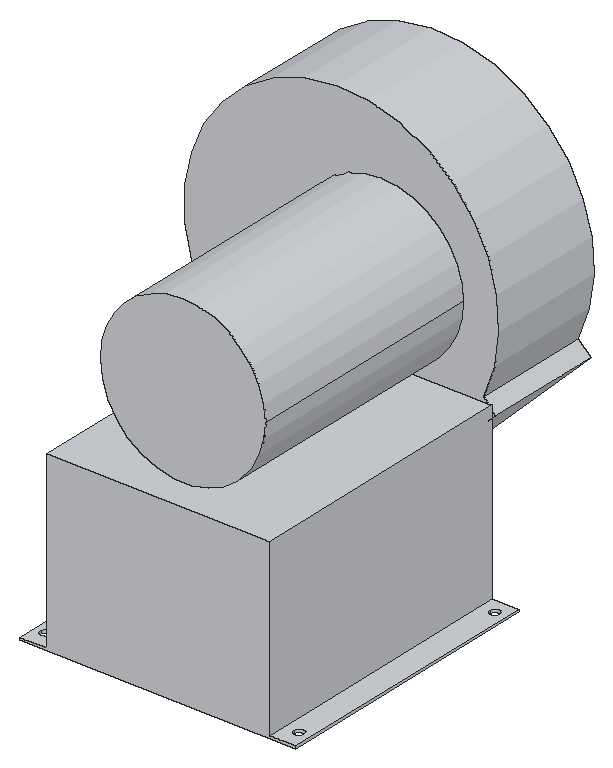
Revit family "CPFD_CCW_BAD", category Mechanical Equipment, Revit 2019
Family settings
  Round Connector Dimension = Use Radius
  Part Type = Normal
  Work Plane-Based = No
  Always vertical = Yes
  Cut with Voids When Loaded = No
  Shared = No
  Room Calculation Point = No
Parameters (values of type "10_CPFD_CCW_BAD")
  Unit Weight [instance] = ""
  T_SQ/2 = T_SQ / 2  # 1' - 4"
  T_SQ = 2' - 8"
  Sones [instance] = ""
  SPACE = 0' - 3"
  S = 0' - 4 15/16"
  R = 1' - 1 1/16"
  Q = 0' - 1 3/4"
  P/6 = P / 6  # 0' - 1 1/2"
  P/2 = P / 2  # 0' - 4 1/2"
  P = 0' - 9"
  N/2 = N / 2  # 0' - 0 9/32"
  N = 0' - 0 9/16"
  Motor RPM [instance] = ""
  Motor Enclosure [instance] = ""
  ModelID [instance] = ""
  M = 0' - 4 5/8"
  LwA [instance] = ""
  L = 0' - 9 7/8"
  K = 0' - 1"
  J = 1' - 1 3/4"
  H/2 = H / 2  # 0' - 7 1/8"
  H-1.5" = H - 0' 1 1/2"  # 1' - 0 3/4"
  H = 1' - 2 1/4"
  G-Q = 0' - 5 49/128"
  G-1" = G - 0' 1"  # 0' - 5 7/16"
  G = 0' - 6 7/16"
  Fan RPM [instance] = ""
  F+1.25" = -(F + 0' 1 1/4")  # -0' - 7 5/8"
  F+.25" = -(F + 0' 0 1/4")  # -0' - 6 5/8"
  F = 0' - 6 3/8"
  E+.25" = E + 0' 0 1/4"  # 0' - 11 5/8"
  E = 0' - 11 3/8"
  D-S = D - S  # 0' - 9 7/16"
  D+R = D + R  # 2' - 3 7/16"
  D = 1' - 2 3/8"
  C/2 = C / 2  # 0' - 11 7/16"
  C = 1' - 10 7/8"
  B/2 = B / 2  # 0' - 11 1/8"
  B-F-2" = B - F - 0' 2"  # 1' - 1 7/8"
  B-F-.25" = B - F - 0' 0 1/4"  # 1' - 3 5/8"
  B = 1' - 10 1/4"
  Accessories [instance] = ""
  A/2 = A / 2  # 0' - 7 3/4"
  A = 1' - 3 1/2"
  45_ = 45.00°
  45 = 45.00°  # constant formula
  3" = 0' - 3"  # constant formula
  Brake Hp [instance] = ""
  4" = 0' - 4"  # constant formula
  2' = 2' - 0"
  2" = 0' - 2"  # constant formula
  1" = 0' - 1"  # constant formula
  0 = 0' - 0"  # constant formula
  Voltage [instance] = 0 V
  URL = "www.lorencook.com"
  Type Comments = "Forward Curved Centrifugal Blower Direct Drive Counter-Clockwise Bottom Angular Down Arrangement 4"  # constant formula
  Static Pressure [instance] = 0.00 in-wg
  Power [instance] = Voltage * Motor FLA * sqrt(if(Phase = 3, 3, 1))  # 0 VA
  Phase [instance] = 0
  Number of Poles [instance] = 1
  Motor Hp [instance] = "0"
  Motor FLA [instance] = 0 A
  Model = "CPFD_CCW_BAD"  # constant formula
  Manufacturer = "Loren Cook Company"
  CFM [instance] = 0 CFM
  1.5 = 0' - 1 1/2"  # constant formula
  ONE EIGTH = 0' - 0 1/8"  # constant formula
  (P/2)-.125" = (P / 2) - 0' 0 1/8"  # 0' - 4 3/8"
Types (6): name | SPACE | S | R | Q | P/6 | P/2 | P | N/2 | N | M | L | J | H/2 | H-1.5" | H | G-1" | G | F+1.25" | F+.25" | F | E+.25" | E | D-S | D+R | D | C/2 | C | B/2 | B-F-2" | B-F-.25" | B | A/2 | A | (P/2)-.125"
  (no name) | 0' - 3" | 0' - 4 15/16" | 1' - 1 1/16" | 0' - 1 3/4" | 0' - 1 1/2" | 0' - 4 1/2" | 0' - 9" | 0' - 0 9/32" | 0' - 0 9/16" | 0' - 4 5/8" | 0' - 9 7/8" | 1' - 1 3/4" | 0' - 7 1/8" | 1' - 0 3/4" | 1' - 2 1/4" | 0' - 5 7/16" | 0' - 6 7/16" | -0' - 7 5/8" | -0' - 6 5/8" | 0' - 6 3/8" | 0' - 11 5/8" | 0' - 11 3/8" | 0' - 9 7/16" | 2' - 3 7/16" | 1' - 2 3/8" | 0' - 11 7/16" | 1' - 10 7/8" | 0' - 11 1/8" | 1' - 1 7/8" | 1' - 3 5/8" | 1' - 10 1/4" | 0' - 7 3/4" | 1' - 3 1/2" | 0' - 4 3/8"
  6_CPFD_CCW_BAD | 0' - 2" | 0' - 3 11/16" | 0' - 9 3/8" | 0' - 1 1/4" | 0' - 1.16667" | 0' - 3 1/2" | 0' - 7" | 0' - 0 7/32" | 0' - 0 7/16" | 0' - 3 5/8" | 0' - 4 5/8" | 0' - 10 3/4" | 0' - 6 1/4" | 0' - 11" | 1' - 0 1/2" | 0' - 3 3/8" | 0' - 4 3/8" | -0' - 5 7/8" | -0' - 4 7/8" | 0' - 4 5/8" | 0' - 8 1/8" | 0' - 7 7/8" | 0' - 4 7/16" | 1' - 5 1/2" | 0' - 8 1/8" | 0' - 7" | 1' - 2" | 0' - 9 1/4" | 0' - 11 7/8" | 1' - 1 5/8" | 1' - 6 1/2" | 0' - 6 3/4" | 1' - 1 1/2" | 0' - 3 3/8"
  7_CPFD_CCW_BAD | 0' - 2 1/2" | 0' - 3 7/8" | 0' - 9 7/8" | 0' - 1 1/4" | 0' - 1.16667" | 0' - 3 1/2" | 0' - 7" | 0' - 0 7/32" | 0' - 0 7/16" | 0' - 3 5/8" | 0' - 7 1/8" | 1' - 0 1/4" | 0' - 6 1/4" | 0' - 11" | 1' - 0 1/2" | 0' - 3 3/4" | 0' - 4 3/4" | -0' - 6 5/8" | -0' - 5 5/8" | 0' - 5 3/8" | 0' - 8 5/8" | 0' - 8 3/8" | 0' - 6 3/4" | 1' - 8 1/2" | 0' - 10 5/8" | 0' - 8 15/32" | 1' - 4 15/16" | 0' - 10 1/8" | 1' - 0 7/8" | 1' - 2 5/8" | 1' - 8 1/4" | 0' - 6 3/4" | 1' - 1 1/2" | 0' - 3 3/8"
  9_CPFD_CCW_BAD | 0' - 2" | 0' - 4 3/8" | 0' - 11 1/2" | 0' - 1 9/16" | 0' - 1 1/2" | 0' - 4 1/2" | 0' - 9" | 0' - 0 9/32" | 0' - 0 9/16" | 0' - 4 5/8" | 0' - 7 5/8" | 1' - 1 3/4" | 0' - 6 3/8" | 0' - 11 1/4" | 1' - 0 3/4" | 0' - 4 1/2" | 0' - 5 1/2" | -0' - 7 1/8" | -0' - 6 1/8" | 0' - 5 7/8" | 0' - 10 1/8" | 0' - 9 7/8" | 0' - 6 3/4" | 1' - 10 5/8" | 0' - 11 1/8" | 0' - 9 11/32" | 1' - 6 11/16" | 0' - 10 7/8" | 1' - 1 7/8" | 1' - 3 5/8" | 1' - 9 3/4" | 0' - 7" | 1' - 2" | 0' - 4 3/8"
  10_CPFD_CCW_BAD | 0' - 3" | 0' - 4 15/16" | 1' - 1 1/16" | 0' - 1 3/4" | 0' - 1 1/2" | 0' - 4 1/2" | 0' - 9" | 0' - 0 9/32" | 0' - 0 9/16" | 0' - 4 5/8" | 0' - 9 7/8" | 1' - 1 3/4" | 0' - 7 1/8" | 1' - 0 3/4" | 1' - 2 1/4" | 0' - 5 7/16" | 0' - 6 7/16" | -0' - 7 5/8" | -0' - 6 5/8" | 0' - 6 3/8" | 0' - 11 5/8" | 0' - 11 3/8" | 0' - 9 7/16" | 2' - 3 7/16" | 1' - 2 3/8" | 0' - 11 7/16" | 1' - 10 7/8" | 0' - 11 1/8" | 1' - 1 7/8" | 1' - 3 5/8" | 1' - 10 1/4" | 0' - 7 3/4" | 1' - 3 1/2" | 0' - 4 3/8"
  12_CPFD_CCW_BAD | 0' - 4 1/4" | 0' - 5 11/16" | 1' - 3 3/16" | 0' - 2 1/2" | 0' - 2.08333" | 0' - 6 1/4" | 1' - 0 1/2" | 0' - 0 9/32" | 0' - 0 9/16" | 0' - 4 5/8" | 0' - 9 7/8" | 1' - 2 1/4" | 0' - 7 7/8" | 1' - 2 1/4" | 1' - 3 3/4" | 0' - 6 1/16" | 0' - 7 1/16" | -0' - 7 1/8" | -0' - 6 1/8" | 0' - 5 7/8" | 1' - 1 5/8" | 1' - 1 3/8" | 0' - 8 11/16" | 2' - 5 9/16" | 1' - 2 3/8" | 1' - 0 7/32" | 2' - 0 7/16" | 0' - 11 3/8" | 1' - 2 7/8" | 1' - 4 5/8" | 1' - 10 3/4" | 0' - 8 1/2" | 1' - 5" | 0' - 6 1/8"
Reference planes (in)
  plane 1 "Center (Front/Back)": y = 0
  plane 2: z = 0
  plane 3 "Center (Left/Right)": x = 0.40541
Forms (in)
  Extrusion 1, solid
    sketch origin (0, 0, 0) x (1, 0, 0) y (0, 0, 1)
      loop
        line (-7.34459, 0) -> (8.15541, 0) -> (8.15541, 0.125) -> (6.65541, 0.125) -> (6.65541, 9.875) -> (-5.84459, 9.875) -> (-5.84459, 0.125) -> (-7.34459, 0.125) -> (-7.34459, 0)
    from 0 to 15.625 <- "B-F-.25""
  Extrusion 2, solid
    sketch origin (0, 0, 0) x (1, 0, 0) y (0, 0, 1)
      loop
        circle (0.40541, 14.5) r 4.625
    from 0 to 13.875 <- "B-F-2""
  Extrusion 3, solid
    sketch origin (0, 0, 0) x (1, 0, 0) y (0, 0, 1)
      loop
        circle (0.40541, 14.375) r 4.5
      loop
        circle (0.40541, 14.375) r 4.375
    from -7.625 <- "F+1.25"" to -6.625 <- "F+.25""
  Extrusion 4, void
    sketch origin (0, 0, 0) x (1, 0, 0) y (0, 1, 0)
      loop
        circle (-6.71959, -14.625) r 0.28125
      loop
        circle (-6.71959, -0.875) r 0.28125
      loop
        circle (7.53041, -14.625) r 0.28125
      loop
        circle (7.53041, -0.875) r 0.28125
    from 0 to 0.125
  Extrusion 5, solid
    sketch origin (0, 0, 0) x (1, 0, 0) y (0, 0, 1)
      loop
        line (-1.34459, 1.21738) -> (6.87553, 9.4375) -> (6.16842, 10.14461)
        arc (6.16842, 10.14461) -> (-3.8764, 22.62308) -> (-7.0484, 6.92119) r 8.84671
        line (-7.0484, 6.92119) -> (-1.34459, 1.21738)
    from 0 to -6.625 <- "F+.25""
  Revolve 6, void
    sketch origin (0.40541, 0, 0) x (0, 1, 0) y (0, 0, 1)
      loop
        arc (6.625, 18.75) -> (6.18566, 17.68934) -> (5.125, 17.25) r 1.5
        line (5.125, 17.25) -> (5.125, 14.375) -> (6.625, 14.375) -> (6.625, 18.75)
      axis (5.125, 14.375) -> (6.625, 14.375)
    angle from 0 to 360
Cuts and joins
  Extrusion 4 cuts Extrusion 1
  Revolve 6 cuts Extrusion 3
  Revolve 6 cuts Extrusion 5
Lines and regions (in)
  model lines
    curve 1: line (0.40541, 0, 14.375) -> (-6.41946, 0, 7.55013)
Dimensions and locks (in)
  "A/2": plane 3 "Center (Left/Right)" to Extrusion 1 sketch curve
  "A/2": Extrusion 1 sketch curve to plane 3 "Center (Left/Right)"
  "1.5": Extrusion 1 sketch curve to Extrusion 1 sketch curve  (x2)
  "L": Extrusion 1 sketch curve to level
  "ONE EIGTH": Extrusion 1 sketch curve to Extrusion 1 sketch curve  (x2)
  "0": Extrusion 2 sketch curve to Extrusion 1
  "0": Extrusion 2 sketch curve to plane 3 "Center (Left/Right)"
  "M": Extrusion 2 sketch curve to Extrusion 1
  "0": Extrusion 3 sketch curve to plane 3 "Center (Left/Right)"  (x2)
  "K": Extrusion 1 to Extrusion 4 sketch curve  (x2)
  "J": Extrusion 4 sketch curve to Extrusion 4 sketch curve  (x2)
  "H/2": Extrusion 4 sketch curve to plane 3 "Center (Left/Right)"  (x4)
  locked: Extrusion 3 sketch curve to Extrusion 3 sketch curve
  "D": Extrusion 3 sketch curve to level
  "D": Revolve 6 sketch curve to level
  "0": Revolve 6 sketch curve to Revolve 6 sketch curve
  "P/6": Extrusion 5 to Revolve 6 sketch curve
  "(P/2)-.125"": Revolve 6 sketch curve to Revolve 6 sketch curve
  "D": level to curve 1
  "1"": Extrusion 5 sketch curve to Extrusion 5 sketch curve
  "E+.25"": Extrusion 5 sketch curve to Extrusion 5 sketch curve
  "0": curve 1 to Extrusion 5 sketch curve
  "Q": plane 3 "Center (Left/Right)" to Extrusion 5 sketch curve
  "D-S": level to Extrusion 5 sketch curve
  "C": level to Extrusion 5 sketch curve
  "P/2": radius of Extrusion 3 sketch curve
  "(P/2)-.125"": radius of Extrusion 3 sketch curve
  "N/2": radius of Extrusion 4 sketch curve  (x4)
  "P/6": radius of Revolve 6 sketch curve
  "45": angle curve 1 to level
  "45_": angle level to Extrusion 5 sketch curve
Automatic sketch dimensions
  Extrusion 1 sketch curve to level = 0' - 0"
  Revolve 6 sketch curve to Revolve 6 sketch curve = 0' - 0"
  Revolve 6 sketch curve to Revolve 6 sketch curve = 0' - 2 3/4"
  curve 1 to plane 3 "Center (Left/Right)" = 0' - 0"
Connectors (in)
  electrical at (0.40541, -13.875, 14.5)
    settings: on Extrusion 2, index 1, voltage 0 V, apparent load 0 VA, apparent load phase1 0 VA, apparent load phase2 0 VA, apparent load phase3 0 VA, power factor 1, load classification "Other", number of poles 1, system type 30, power factor state 1, is connector primary yes, connector utility no, sub classification motor no, connector description ""
  hvac at (0.40541, 7.625, 14.375), driven by "P/2"
    settings: on Extrusion 3, index 4, duct flow 0 CFM, flow factor 0, pres drop 0.00 in-wg, loss coef 0, conn angle 0.00°, conn width 12", conn height 12", conn diameter 9", duct sys type 29, conn prof type 0, flow config 0, flow direction 1, loss method 0, conn ref index -1, conn util no, is conn primary yes, conn desc ""
  hvac at (2.76547, 3.3125, 5.32744), driven by "E", driven by "F"
    settings: on cut or joined group of Extrusion 5, Revolve 6, index 5, duct flow 0 CFM, flow factor 0, pres drop 0.00 in-wg, loss coef 0, conn angle 0.00°, conn width 6 3/8", conn height 11 3/8", conn diameter 24", duct sys type 29, conn prof type 1, flow config 0, flow direction 2, loss method 0, conn ref index -1, conn util no, is conn primary no, conn desc ""
